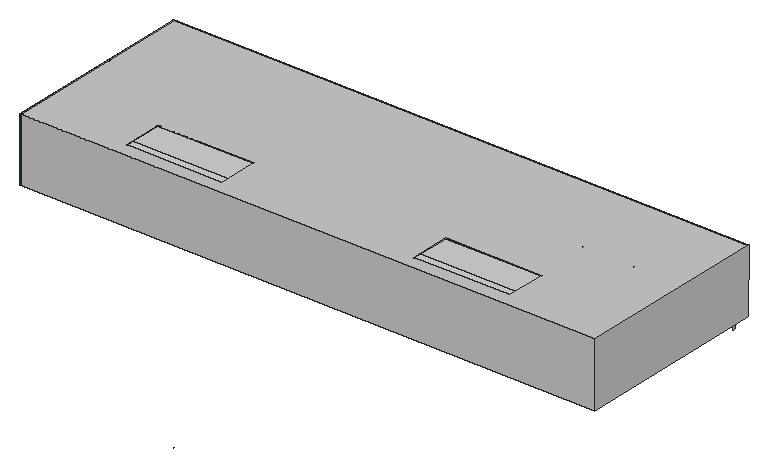
Revit family "QF_ELECTROLUXPROFESSIONAL_643326_DK1236", category Attrezzature speciali, Revit 2021
Family settings
  Quota connettore circolare = Usa diametro
  Tipo di parte = Normale
  Basato su piano di lavoro = No
  Sempre verticale = Sì
  Taglio con vuoti quando caricato = No
  Condiviso = No
  Punto di calcolo locali = No
Parameters (values of type "Standard")
  Weight = 89.00 kg
  Watts = 0 W
  Volts = 0 V
  URL Manufacturer = "https://www.electroluxprofessional.com/"
  URL = "https://www.electroluxprofessional.com/"
  Steam Supply Size = 0 mm
  Steam Supply Minimum Pressure = 0.0 Pa
  Steam Supply Maximum Pressure = 0.0 Pa
  Steam Consumption per Hour = 0
  Refrigeration Suction Line Size = 0 mm
  Refrigeration Liquid Line Size = 0 mm
  Refrigerant Compressor Remote = yes
  Prospetto di default = 0 mm
  Produttore = "Electrolux Professional"
  Phase = 0
  Modello = "DK1236"
  Length Actual = 3600 mm  # constant formula
  Item Number = "643326"
  Hot Water Size = 0 mm
  Height Actual = 400 mm  # constant formula
  HP = "0 HP"
  Gas Size = 0 mm
  Gas KW = 0
  Gas Input Pressure = 0 W
  Direct Waste Size = 0 mm
  Descrizione = "304 AISI S/S WALL HOOD FOR DW 360X120"
  Depth Actual = 1200 mm  # constant formula
  Cycle = 0 Hz
  Condensate Return Size = 0 mm
  Compressed Air Volume = 0.0 L/s
  Compressed Air Size = 0 mm
  Compressed Air Pressure = 0.0 Pa
  Cold Water Size = 0 mm
  Accessory = yes
Reference planes
  plane 1: z = 0
  plane 2 "Center (Left/Right)": x = 150
  plane 3 "LEFT": x = -1650
  plane 4 "RIGHT": x = 1950
  plane 5 "BACK": y = 550
  plane 6 "TOP": z = 2400
  plane 7 "Base": z = 2000
  plane 8: z = 1970
  plane 9 "DrainY": y = 450
  plane 10: x = -1647
  plane 11: y = -320
  plane 12: y = -570
  plane 13 "DrainX": x = 1937
  plane 14 "AOLeft2": x = -450
  plane 15 "AORight1": x = 750
  plane 16: x = 1947
  plane 17: x = -1450
  plane 18: x = 1750
  plane 19 "Center (Front/Back)": y = -50
  plane 20 "Front": y = -650
  plane 21: x = 50
  plane 22: x = 250
  plane 23 "AOLeft1": x = -1050
  plane 24 "AORight2": x = 1350
Forms (mm)
  Extrusion 1, solid, material "QF_Finishes_Stainless Steel"
    sketch origin (-1650, 0, 360) x (0, 1, 0) y (0, 0, 1)
      loop
        line (550, 1640) -> (550, 2040) -> (-650, 2040) -> (-650, 1640) -> (550, 1640)
    from 0 to 3
  Extrusion 2, solid, material "QF_Finishes_Stainless Steel"
    sketch origin (1950, 0, 360) x (0, 1, 0) y (0, 0, 1)
      loop
        line (550, 1640) -> (550, 2040) -> (-650, 2040) -> (-650, 1640) -> (550, 1640)
    from 0 to -3
  Extrusion 3, solid, material "QF_Finishes_Stainless Steel"
    sketch origin (150, 0, 360) x (0, 1, 0) y (0, 0, 1)
      loop
        line (-650, 2040) -> (-650, 1640) -> (-640, 1640) -> (-640, 1640.8) -> (-649.2, 1640.8) -> (-649.2, 2039.19) -> (549.2, 2039.19) -> (549.2, 1640.8) -> (540, 1640.8) -> (540, 1640) -> (550, 1640) -> (550, 2040) -> (-650, 2040)
    from -1800 to 1800
  Extrusion 4, solid, material "QF_Finishes_Stainless Steel"
    sketch origin (0, 0, 2000) x (0, 1, 0) y (-1, 0, 0)
      loop
        circle (450, -1937) r 4.763
    from -30 to 0
  Extrusion 5, void
    sketch origin (0, 0, 2400) x (0, 1, 0) y (-1, 0, 0)
      loop
        line (-320, 450) -> (-320, 1050) -> (-570, 1050) -> (-570, 450) -> (-320, 450)
    from 0 to -10
  Extrusion 6, solid, material "QF_Finishes_Stainless Steel"
    sketch origin (0, 0, 0) x (1, 0, 0) y (0, 1, 0)
      loop
        line (-1650, 550) -> (-1650, 549) -> (-1649, 549) -> (-1649, 550) -> (-1650, 550)
    from 0 to 1
  Sweep 7, solid, material "QF_Finishes_Stainless Steel"
    path origin (0, 0, 0) x (1, 0, 0) y (0, 1, 0)
      loop
        line (1950, 550) -> (-1650, 550) -> (-1650, -650) -> (1950, -650) -> (1950, 550)
    profile origin (1950, -50, 0) x (1, 0, 0) y (0, 0, 1)
      loop
        line (-3, 2000) -> (-3, 2000.8) -> (-19, 2000.8) -> (-19, 2010) -> (-20, 2010) -> (-20, 2000) -> (-3, 2000)
  Extrusion 8, solid, material "QF_Finishes_Stainless Steel"
    sketch origin (150, 0, 0) x (0, 1, 0) y (0, 0, 1)
      loop
        line (35, 2399.19) -> (34.2, 2399.19) -> (34.2, 2329.838) -> (-320.309, 2254.485) -> (-614.003, 2066.672) -> (-614.003, 2000.8) -> (-613.203, 2000.8) -> (-613.203, 2066.234) -> (-320, 2253.732) -> (35, 2329.19) -> (35, 2399.19)
    from -1797 to 1797
  Extrusion 9, void
    sketch origin (1134.605, 0, 2400) x (0, 1, 0) y (-1, 0, 0)
      loop
        line (-320, -215.395) -> (-320, 384.605) -> (-570, 384.605) -> (-570, -215.395) -> (-320, -215.395)
    from 0 to -10
Cuts and joins
  Extrusion 5, Extrusion 9 cuts Extrusion 3
  joined: Extrusion 2, Extrusion 3, Sweep 7
Lines and regions (mm)
  symbolic lines, style "SpecialityEquipment", detail levels coarse
    curve 1: line (1950, 550, 2400) -> (-1650, 550, 2400)
    curve 2: line (-1650, 550, 2400) -> (-1650, -650, 2400)
    curve 3: line (1950, -650, 2400) -> (1950, 550, 2400)
    curve 4: line (-1650, 550, 0) -> (1950, -650, 0)
    curve 5: line (1950, 550, 0) -> (-1650, -650, 0)
    curve 6: line (-1650, -650, 0) -> (1950, -650, 0)
    curve 7: line (-450, -320, 0) -> (-1050, -320, 0)
    curve 8: line (-450, -570, 0) -> (-450, -320, 0)
    curve 9: line (-1050, -570, 0) -> (-450, -570, 0)
    curve 10: line (-1050, -320, 0) -> (-1050, -570, 0)
    curve 11: line (750, -320, 0) -> (750, -570, 0)
    curve 12: line (1350, -320, 0) -> (750, -320, 0)
    curve 13: line (1350, -570, 0) -> (1350, -320, 0)
    curve 14: line (750, -570, 0) -> (1350, -570, 0)
Dimensions and locks
  plane 3 "LEFT" to plane 4 "RIGHT" = 3600 mm
  equal spacing: plane 3 "LEFT", plane 2 "Center (Left/Right)", plane 4 "RIGHT"
  plane 7 "Base" to plane 8 = 30 mm
  plane 5 "BACK" to plane 9 "DrainY" = 100 mm  (x2)
  plane 3 "LEFT" to plane 10 = 3 mm
  plane 13 "DrainX" to plane 4 "RIGHT" = 13 mm
  plane 16 to plane 4 "RIGHT" = 3 mm
  plane 3 "LEFT" to plane 17 = 200 mm
  plane 18 to plane 4 "RIGHT" = 200 mm
  locked: plane 14 "AOLeft2" to plane 15 "AORight1" at 1200
  equal spacing: plane 14 "AOLeft2", plane 2 "Center (Left/Right)", plane 15 "AORight1"
  locked: plane 7 "Base" to level at 2000
  locked: plane 6 "TOP" to plane 7 "Base" at 400
  plane 5 "BACK" to plane 20 "Front" = 1200 mm  (x2)
  equal spacing: plane 5 "BACK", plane 19 "Center (Front/Back)", plane 20 "Front"
  locked: plane 21 to plane 22 at 200
  equal spacing: plane 21, plane 2 "Center (Left/Right)", plane 22
  plane 12 to plane 20 "Front" = 80 mm
  locked: plane 11 to plane 12 at 250
  locked: plane 23 "AOLeft1" to plane 14 "AOLeft2" at 600
  locked: plane 15 "AORight1" to plane 24 "AORight2" at 600
  aligned and locked: level to plane 1
  aligned and locked: plane 4 "RIGHT" to Extrusion 3
  aligned and locked: Extrusion 3 to plane 3 "LEFT"
  aligned and locked: Extrusion 5 to plane 12
  aligned and locked: Extrusion 5 to plane 11
  aligned and locked: Extrusion 2 to plane 16
  aligned and locked: Extrusion 8 to plane 10
  aligned and locked: plane 16 to Extrusion 8
  aligned and locked: Extrusion 5 to plane 23 "AOLeft1"
  aligned and locked: Extrusion 5 to plane 14 "AOLeft2"
  aligned and locked: plane 24 "AORight2" to Extrusion 9
  aligned and locked: plane 15 "AORight1" to Extrusion 9
Automatic sketch dimensions
  Extrusion 1 sketch curve to plane 7 "Base" = 0 mm
  Extrusion 1 sketch curve to plane 20 "Front" = 0 mm
  Extrusion 1 sketch curve to plane 5 "BACK" = 0 mm
  Extrusion 1 sketch curve to plane 6 "TOP" = 0 mm
  Extrusion 2 sketch curve to plane 7 "Base" = 0 mm
  Extrusion 2 sketch curve to plane 20 "Front" = 0 mm
  Extrusion 2 sketch curve to plane 5 "BACK" = 0 mm
  Extrusion 2 sketch curve to plane 6 "TOP" = 0 mm
  Extrusion 3 sketch curve to plane 6 "TOP" = 0 mm
  Extrusion 3 sketch curve to plane 20 "Front" = 0 mm
  Extrusion 3 sketch curve to plane 7 "Base" = 0 mm  (x2)
  Extrusion 3 sketch curve to plane 5 "BACK" = 0 mm
  plane 20 "Front" to Extrusion 3 sketch curve = 0.8 mm
  Extrusion 3 sketch curve to Extrusion 3 sketch curve = 9.2 mm
  plane 7 "Base" to Extrusion 3 sketch curve = 0.8 mm  (x2)
  Extrusion 3 sketch curve to plane 5 "BACK" = 10 mm
  Extrusion 3 sketch curve to plane 5 "BACK" = 0.8 mm
  Extrusion 3 sketch curve to plane 6 "TOP" = 0.81 mm
  Extrusion 4 sketch curve to plane 9 "DrainY" = 0 mm
  Extrusion 4 sketch curve to plane 13 "DrainX" = 0 mm
  Extrusion 5 sketch curve to plane 12 = 0 mm
  plane 11 to Extrusion 5 sketch curve = 0 mm
  Extrusion 5 sketch curve to plane 14 "AOLeft2" = 0 mm
  Extrusion 5 sketch curve to plane 23 "AOLeft1" = 0 mm
  Extrusion 6 sketch curve to plane 3 "LEFT" = 0 mm
  Extrusion 6 sketch curve to plane 5 "BACK" = 0 mm
  plane 3 "LEFT" to Extrusion 6 sketch curve = 1 mm
  Extrusion 6 sketch curve to Extrusion 6 sketch curve = 1 mm
  Sweep 7 sketch curve to plane 3 "LEFT" = 0 mm
  Sweep 7 sketch curve to plane 4 "RIGHT" = 0 mm
  Sweep 7 sketch curve to plane 20 "Front" = 0 mm
  Sweep 7 sketch curve to plane 5 "BACK" = 0 mm
  profile plane to Sweep 7 sketch curve = 20 mm
  Sweep 7 sketch curve to Sweep 7 sketch curve = 1 mm
  profile plane to Sweep 7 sketch curve = 3 mm
  level to Sweep 7 sketch curve = 2000 mm
  Sweep 7 sketch curve to Sweep 7 sketch curve = 0.8 mm
  Sweep 7 sketch curve to Sweep 7 sketch curve = 9.2 mm
  Extrusion 9 sketch curve to plane 12 = 0 mm
  plane 11 to Extrusion 9 sketch curve = 0 mm
  Extrusion 9 sketch curve to plane 15 "AORight1" = 600 mm
  plane 22 to Extrusion 9 sketch curve = 500 mm
  curve 5 to plane 3 "LEFT" = 0 mm
  curve 4 to plane 3 "LEFT" = 0 mm
  curve 6 to plane 20 "Front" = 0 mm
  curve 5 to plane 4 "RIGHT" = 0 mm
  curve 6 to plane 4 "RIGHT" = 0 mm
  curve 5 to plane 5 "BACK" = 0 mm
  curve 4 to plane 5 "BACK" = 0 mm
  curve 2 to plane 3 "LEFT" = 0 mm
  curve 2 to plane 20 "Front" = 0 mm
  curve 3 to plane 4 "RIGHT" = 0 mm
  curve 3 to plane 20 "Front" = 0 mm
  curve 2 to plane 5 "BACK" = 0 mm
  plane 11 to curve 7 = 0 mm
  curve 7 to plane 23 "AOLeft1" = 0 mm
  curve 8 to plane 12 = 0 mm
  curve 8 to plane 14 "AOLeft2" = 0 mm
  plane 11 to curve 11 = 0 mm
  curve 11 to plane 15 "AORight1" = 0 mm
  curve 12 to plane 24 "AORight2" = 0 mm
  curve 13 to plane 12 = 0 mm
  Extrusion 8 sketch curve to plane 11 = 0 mm
  plane 11 to Extrusion 8 sketch curve = 0.309 mm
  plane 7 "Base" to Extrusion 8 sketch curve = 0.8 mm
  plane 20 "Front" to Extrusion 8 sketch curve = 36.797 mm
  Extrusion 8 sketch curve to Extrusion 8 sketch curve = 0.8 mm  (x2)
  plane 19 "Center (Front/Back)" to Extrusion 8 sketch curve = 84.2 mm
  Extrusion 8 sketch curve to Extrusion 8 sketch curve = 65.434 mm
  Extrusion 8 sketch curve to plane 6 "TOP" = 146.268 mm
  Extrusion 8 sketch curve to Extrusion 8 sketch curve = 0.752 mm
  Extrusion 8 sketch curve to plane 6 "TOP" = 70.81 mm
  Extrusion 8 sketch curve to Extrusion 8 sketch curve = 0.648 mm
  Extrusion 8 sketch curve to Extrusion 8 sketch curve = 0.438 mm
  Extrusion 8 sketch curve to plane 6 "TOP" = 0.81 mm
  radius of Extrusion 4 sketch curve = 4.763 mm
Connectors
  piping at (1937, 450, 1970), diameter 9.5
    settings: on Extrusion 4, index 1, connector inside diameter 609.6 mm, connector length 0 mm, flow factor 0, pipe flow 0.0 L/s, pressure drop 0.0 Pa, fitting loss kfactor 0, connector angle 0.00°, fixture units 0, engagement length 0 mm, angle of deflection 0.00°, flow configuration 1, flow direction 2, fitting loss method 0, system type 16, joint type 0, gender type 0, connector reference index -1, connector utility 0, adjustable connector no, is connector primary yes, connector description "Drain"
  hvac at (-750, -445, 2400)
    settings: on Extrusion 5, index 2, duct flow 0.0 L/s, flow factor 0, pres drop 0.0 Pa, loss coef 0, conn angle 0.00°, conn width 250 mm, conn height 600 mm, conn diameter 609.6 mm, duct sys type 3, conn prof type 1, flow config 1, flow direction 2, loss method 0, conn ref index -1, conn util no, is conn primary yes, conn desc "EXHAUST OUTLET"
  hvac at (1050, -445, 2400)
    settings: on Extrusion 9, index 3, duct flow 0.0 L/s, flow factor 0, pres drop 0.0 Pa, loss coef 0, conn angle 0.00°, conn width 250 mm, conn height 600 mm, conn diameter 609.6 mm, duct sys type 3, conn prof type 1, flow config 1, flow direction 2, loss method 0, conn ref index -1, conn util no, is conn primary no, conn desc "EXHAUST OUTLET"
